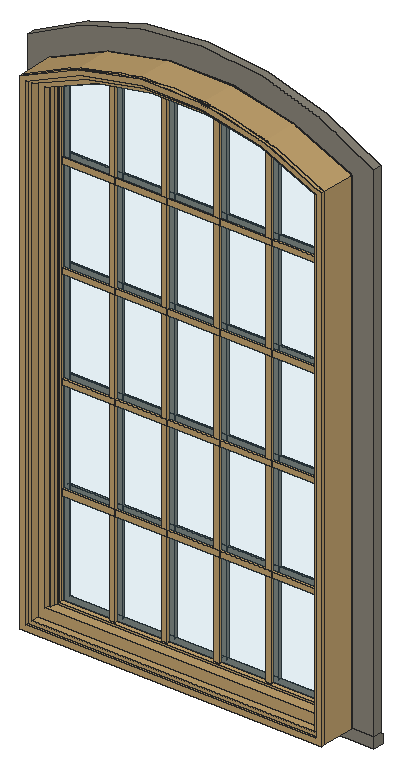
Revit family (continued)
Definition of nested family "Roundtop_Section_Detail"
  Definition of nested family "Head_Detail"
    Lines and regions (in)
      detail lines, style "Cut Lines", in view "Ref. Level"
        curve 32: line (1.31549, -2.6605, 0) -> (0.69049, -2.6605, 0)
        curve 33: line (1.50299, -2.353, 0) -> (1.31549, -2.353, 0)
        curve 34: line (0.69049, -2.353, 0) -> (0.50199, -2.353, 0)
      detail lines, style "Cut Lines", in view "Ref. Level", visible <- "Flange"
        curve 7: line (0, 1.5, 0) -> (0, 0.15, 0)
        curve 8: line (-0.04501, 0, 0) -> (-0.04501, 1.5, 0)
        curve 9: line (-0.04501, 1.5, 0) -> (0, 1.5, 0)
        curve 10: line (0.10999, 0.15, 0) -> (0.10999, 0, 0)
        curve 11: line (0, 0.15, 0) -> (0.10999, 0.15, 0)
    Dimensions and locks (in)
      aligned and locked: curve 25 to curve 28
      aligned and locked: curve 24 to curve 33
  Definition of nested family "Sill_Detail"
    Parameters (values of type "Jamb_Detail")
      Flange = yes
      Assembly Code = ""
    Reference planes (in)
      plane 1 "Center (Front/Back)": y = 0
      plane 2: z = 0
      plane 3 "Center (Left/Right)": x = 0
    Lines and regions (in)
      detail lines, style "Cut Lines", in view "Ref. Level"
        curve 1: line (4.56199, 0, 0) -> (4.56199, 1.188, 0)
        curve 2: line (-1.09401, 0, 0) -> (4.56199, 0, 0)
        curve 3: line (4.56199, 1.188, 0) -> (0.53125, 1.188, 0)
        curve 4: line (-1.09401, 0.52105, 0) -> (-1.09401, 0, 0)
        curve 5: line (0.39248, 0.625, 0) -> (-1.09401, 0.52105, 0)
        curve 6: line (0.39248, 0.625, 0) -> (2, 0.625, 0)
        curve 12: line (3.53074, 1.188, 0) -> (3.53074, 2.5005, 0)
        curve 13: line (3.53074, 2.5005, 0) -> (2, 2.5005, 0)
        curve 14: line (0.53125, 0.8125, 0) -> (0.53125, 1.188, 0)
        curve 15: line (0.125, 0.8125, 0) -> (0.53125, 0.8125, 0)
        curve 16: line (0.125, 2.696, 0) -> (0.125, 0.8125, 0)
        curve 17: line (0.2358, 2.696, 0) -> (0.125, 2.696, 0)
        curve 18: line (0.44605, 2.90625, 0) -> (0.2358, 2.696, 0)
        curve 19: line (0.47297, 2.208, 0) -> (0.47297, 2.90625, 0)
        curve 20: line (1.50299, 2.208, 0) -> (0.47297, 2.208, 0)
        curve 21: line (1.50299, 2.90625, 0) -> (1.50299, 2.208, 0)
        curve 22: line (1.66374, 2.90625, 0) -> (1.50299, 2.90625, 0)
        curve 23: line (2, 2.677, 0) -> (1.89299, 2.677, 0)
        curve 24: line (2, 0.625, 0) -> (2, 2.677, 0)
        curve 25: line (0.47297, 2.90625, 0) -> (0.44605, 2.90625, 0)
        curve 26: line (1.89299, 2.677, 0) -> (1.66374, 2.90625, 0)
        curve 27: line (1.31549, 2.45402, 0) -> (0.69049, 2.45402, 0)
        curve 28: line (1.31549, 2.6605, 0) -> (0.69049, 2.6605, 0)
        curve 29: line (1.50299, 2.353, 0) -> (1.31549, 2.353, 0)
        curve 30: line (0.69049, 2.353, 0) -> (0.50199, 2.353, 0)
      detail lines, style "Cut Lines", in view "Ref. Level", visible <- "Flange"
        curve 7: line (0, -1.5, 0) -> (0, -0.15, 0)
        curve 8: line (-0.04501, 0, 0) -> (-0.04501, -1.5, 0)
        curve 9: line (-0.04501, -1.5, 0) -> (0, -1.5, 0)
        curve 10: line (0.10999, -0.15, 0) -> (0.10999, 0, 0)
        curve 11: line (0, -0.15, 0) -> (0.10999, -0.15, 0)
